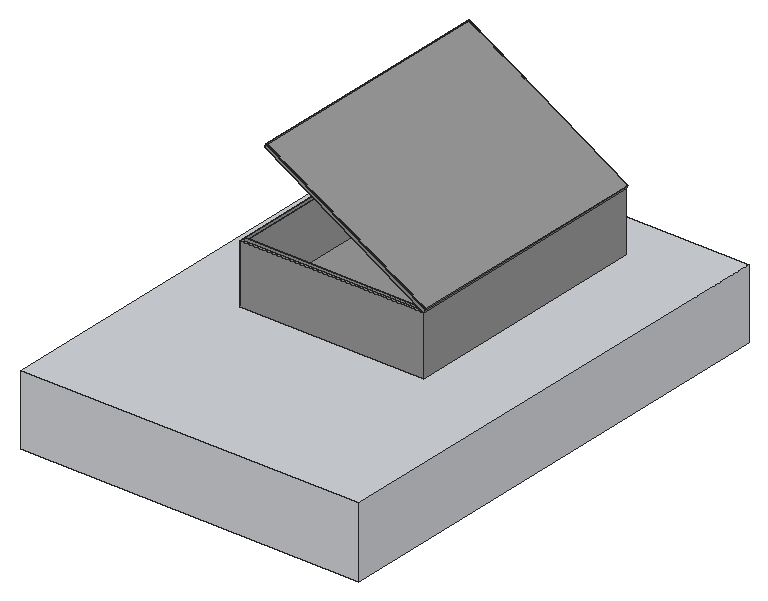
Revit family "Hager-Univers-IP55-D275-H1100-Cl.II-Steel_encl-AT-de", category Equipement électrique, Revit 2020
Family settings
  Hôte = Face
  Configuration du panneau = Deux colonnes, circuits au sein
  Cote de connecteur circulaire = Utiliser le diamètre
  Type d'élément = Tableau de raccordement
  Couper avec des vides une fois chargée = Non
  Partagée = Non
  Point de calcul de pièce = Non
Parameters (values of type "Aufputz IP55 B800 H1100 T275  - FR73S")
  Width Control [instance] = if([EF000008 - Breite] > Min Width, [EF000008 - Breite], Min Width)  # 800 mm
  Commentaires du type = [HG000003 - Bereich]  # "Univers"
  Thickness Door [instance] = if([EF009171 - Materialstärke Tür/Deckel] > 3 mm, 3 mm, [EF009171 - Materialstärke Tür/Deckel])  # 1.5 mm
  Seal Frame Offset [instance] = 17 mm  # constant formula
  Plinth Visibility [instance] = [HG000027 - Sockelhöhe] > 0 mm  # no
  Model = ""
  Min Width [instance] = 100 mm  # constant formula
  Min Height [instance] = 100 mm  # constant formula
  Min Depth [instance] = (2 * [EF009170 - Materialstärke Gehäuse]) + 1 mm  # 4 mm
  Internal Frame Depth [instance] = (Door System Depth * 0.5)  # 9 mm
  Height Control [instance] = if([EF000040 - Höhe] > Min Height, [EF000040 - Höhe], Min Height)  # 1100 mm
  HG000027 - Sockelhöhe = 0 mm
  HG000026 - Stehend auf dem Boden = no
  HG000024 - Höhe des unteren Teils = 800 mm
  HG000023 - Gehäuse mit doppeltem Querschnitt = no
  HG000016 - 3D-Türsichtbarkeit [instance] = yes
  HG000015 - Sichtbarkeit der Türöffnung [instance] = no
  HG000014 - Tür rechts [instance] = yes
  HG000013 - Tür links [instance] = not([HG000014 - Tür rechts])  # no
  HG000012 - Türschwenkwinkel [instance] = 30.00°
  HG000010 - Asymmetrische Türen = no
  HG000009 - Doppelflügeligen Tür = no
  HG000006 - Unterputz = no
  HG000004 - Herstellerreferenz = "FR73S"
  HG000003 - Bereich = "Univers"
  HG000002 - Mit tür = yes
  Frame Offset Bottom [instance] = 10 mm  # constant formula
  Frame Offset [instance] = 15 mm  # constant formula
  EF015940 - Deckel mit Überdruckentlastung = no
  EF011959 - Schutzart (NEMA) = ""
  EF009554 - Anzahl der Öffnungen für Flanschplatten = 6
  Fabricant = "Hager"  # constant formula
  EF009212 - Ausführung Deckel = "EV000116 - geschlossen"
  EF009171 - Materialstärke Tür/Deckel = 1.5 mm
  EF009170 - Materialstärke Gehäuse = 1.5 mm
  EF008873 - Nennstrom (In) = 800 A
  EF007800 - Geeignet für Blitzschutz = no
  EF006306 - Mit Schloss = no
  EF006244 - Transparenter Deckel/Tür = no
  EF005474 - Schutzart (IP) = "EV006420 - IP55"
  EF004464 - Art der Tür = "EV002646 - Einzel"
  EF004427 - Anzahl der Module = 252
  EF004293 - Schlagfestigkeit = "EV008784 - IK10"
  EF003532 - Geeignet für Außengebrauch = no
  EF002950 - Breite in Teilungseinheiten = 24
  EF001613 - Funktionserhalt = "EV000494 - ohne"
  EF001596 - Werkstoff des Gehäuses = "EV000179 - Stahl"
  EF001131 - Innentiefe = 275 mm
  EF001088 - Anbaumöglichkeit = yes
  EF000437 - Anzahl der Leitungseinführungen = 6
  EF000339 - Art der Abdeckung = "EV004216 - Tür"
  EF000266 - Anzahl der Reihen = 7
  EF000218 - Einbautiefe = 0 mm
  EF000118 - Mit Montageplatte = no
  EF000116 - RAL-Nummer = "7035"
  EF000049 - Tiefe = 275 mm
  EF000040 - Höhe = 1100 mm
  EF000008 - Breite = 800 mm
  EF000007 - Farbe = "EV000270 - grau"
  EF000003 - Montageart = "EV000384 - Aufputz"
  Door System Leaf Tolerance [instance] = 1.5 mm  # constant formula
  Door System Depth [instance] = 18 mm  # constant formula
  Door Height [instance] = Height Control - [HG000027 - Sockelhöhe]  # 1100 mm
  Depth Control [instance] = if([EF000049 - Tiefe] > Min Depth, [EF000049 - Tiefe], Min Depth)  # 275 mm
  Default Elevation = 0 mm
  Connector Offset [instance] = Height Control / 2  # 550 mm
  Bottom Top Plate Trim [instance] = 1.5 mm  # constant formula
  Plinth height Ctrl [instance] = if([HG000027 - Sockelhöhe] > 0 mm, [HG000027 - Sockelhöhe], 12 mm)  # 12 mm
Types (5, lengths in mm): name | Width Control | HG000010 - Asymmetrische Türen | HG000009 - Doppelflügeligen Tür | HG000004 - Herstellerreferenz | EF009554 - Anzahl der Öffnungen für Flanschplatten | EF004464 - Art der Tür | EF004427 - Anzahl der Module | EF000437 - Anzahl der Leitungseinführungen | EF000008 - Breite
  Aufputz IP55 B1050 H1100 T275  - FR74S | 1050 | no | yes | "FR74S" | 8 | "EV003602 - Doppel" | 336 | 8 | 1050
  Aufputz IP55 B1300 H1100 T275  - FR75S | 1300 | yes | yes | "FR75S" | 10 | "EV003602 - Doppel" | 420 | 10 | 1300
  Aufputz IP55 B300 H1100 T275  - FR71S | 300 | no | no | "FR71S" | 2 | "EV002646 - Einzel" | 84 | 2 | 300
  Aufputz IP55 B550 H1100 T275  - FR72S | 550 | no | no | "FR72S" | 4 | "EV002646 - Einzel" | 168 | 4 | 550
  Aufputz IP55 B800 H1100 T275  - FR73S | 800 | no | no | "FR73S" | 6 | "EV002646 - Einzel" | 252 | 6 | 800
Reference planes
  plane 1 "Center (Front/Back)": y = 0
  plane 2: z = 0
  plane 3 "Center (Left/Right)": x = 0
  plane 4: z = 275
  plane 5: y = 1.5
  plane 6: y = 550
  plane 7: y = 0
  plane 8: y = 1100
  plane 9: z = 0
  plane 10: x = -385
  plane 11: x = 385
  plane 12: x = 383.5
  plane 13: x = -383.5
  plane 14: y = 1098.5
  plane 15: x = -383
  plane 16: x = -400
  plane 17: x = 383
  plane 18: x = 400
  plane 19: x = 398.5
  plane 20: x = -398.5
  plane 21: y = 11.5
  plane 22: y = 1100
  plane 23: y = 1083.5
  plane 24: z = 257
  plane 25: z = 1.5
  plane 26: z = 255.5
  plane 27: z = 273.5
Forms (mm)
  Extrusion 1, solid
    sketch origin (0, 0, 0) x (1, 0, 0) y (0, 1, 0)
      loop
        line (-702.964, 1305) -> (-702.964, -811.445) -> (766.763, -811.445) -> (766.763, 1305) -> (-702.964, 1305)
    from 0 to -304.8
  Extrusion 2, solid, material "Hager_Steel_RAL7035_Light_Grey", visible <- "Plinth Visibility", detail levels medium+fine
    sketch origin (0, 0, 0) x (1, 0, 0) y (0, 1, 0)
      loop
        line (-400, 0) -> (400, 0) -> (400, 12) -> (-400, 12) -> (-400, 0)
    from 0 to 257
  Extrusion 3, solid, material "Hager_Steel_RAL7035_Light_Grey", detail levels medium+fine
    sketch origin (0, 0, 0) x (1, 0, 0) y (0, 1, 0)
      loop
        line (-400, 0) -> (400, 0) -> (400, 1100) -> (-400, 1100) -> (-400, 0)
    from 0 to 257
  Extrusion 4, void
    sketch origin (0, 0, 0) x (1, 0, 0) y (0, 1, 0)
      loop
        line (-398.5, 1.5) -> (398.5, 1.5) -> (398.5, 1098.5) -> (-398.5, 1098.5) -> (-398.5, 1.5)
    from 1.5 to 255.5
  Extrusion 5, void
    sketch origin (-381.607, -4572, 257) x (0, -1, 0) y (-1, 0, 0)
      loop
        line (-4583.5, 1.893) -> (-5655.5, 1.893) -> (-5655.5, -765.107) -> (-4583.5, -765.107) -> (-4583.5, 1.893)
    from 0 to 1.5 <- "EF009170 - Materialstärke Gehäuse"
  Extrusion 6, solid, material "Hager_Steel_RAL7035_Light_Grey", detail levels fine
    sketch origin (0, 0, 257) x (1, 0, 0) y (0, 1, 0)
      loop
        line (-383.5, 1083.5) -> (-383.5, 11.5) -> (383.5, 11.5) -> (383.5, 1083.5) -> (-383.5, 1083.5)
      loop
        line (-385, 10) -> (385, 10) -> (385, 1085) -> (-385, 1085) -> (-385, 10)
    from 0 to 9 <- "Internal Frame Depth"
  Extrusion 7, solid, material "Hager_Steel_RAL7035_Light_Grey", detail levels coarse
    sketch origin (0, 0, 0) x (1, 0, 0) y (0, 1, 0)
      loop
        line (-400, 0) -> (400, 0) -> (400, 1100) -> (-400, 1100) -> (-400, 0)
    from 0 to 275
  Sweep 8, void
    path in 3D
      loop
        line (-400, 12, 0) -> (400, 12, 0) -> (400, 12, 257) -> (-400, 12, 257) -> (-400, 12, 0)
    profile origin (-400, 12, 128.5) x (-1, 0, 0) y (0, -1, 0)
      loop
        line (0, 0) -> (0, 1.5) -> (-1.5, 1.5)
        arc (-1.5, 1.5) -> (-1.061, 0.439) -> (0, 0) r 1.5
Cuts and joins
  Extrusion 4, Extrusion 5 cuts Extrusion 3
  Sweep 8 cuts Extrusion 2
Lines and regions (mm)
  Masking region 1
    outline origin (0, 0, 0) x (1, 0, 0) y (0, 0, 1)
      loop
        line (-400, 275) -> (-400, 0) -> (400, 0) -> (400, 275) -> (-400, 275)
  Masking region 2, detail levels medium+fine
    outline origin (0, 140, 0) x (0, 1, 0) y (0, 0, 1)
      loop
        line (-140, 0) -> (960, 0) -> (960, 257) -> (-140, 257) -> (-140, 0)
  Masking region 3, not visible, detail levels medium+fine
    outline origin (0, 297.922, 0) x (0, 1, 0) y (0, 0, 1)
      loop
        line (263.578, 0) -> (303.578, 0) -> (303.578, 263.5)
        arc (303.578, 263.5) -> (300.649, 270.571) -> (293.578, 273.5) r 10
        line (293.578, 273.5) -> (263.578, 273.5) -> (263.578, 0)
  Masking region 4, detail levels coarse
    outline origin (0, 0, 180) x (0, 1, 0) y (0, 0, 1)
      loop
        line (0, -180) -> (1100, -180) -> (1100, 95) -> (0, 95) -> (0, -180)
  Masking region 5, visible <- "Plinth Visibility", detail levels medium+fine
    outline origin (0, 52.24, 12.345) x (0, 0, -1) y (0, 1, 0)
      loop
        line (10.845, -40.24) -> (-243.155, -40.24)
        arc (-243.155, -40.24) -> (-243.594, -41.301) -> (-244.655, -41.74) r 1.5
        line (-244.655, -41.74) -> (-244.655, -52.24) -> (12.345, -52.24) -> (12.345, -41.74)
        arc (12.345, -41.74) -> (11.285, -41.301) -> (10.845, -40.24) r 1.5
  Masking region 6, detail levels medium+fine
    outline origin (-381.607, -4572, 257) x (-1, 0, 0) y (0, -1, 0)
      loop
        line (18.393, -5672) -> (18.393, -4572) -> (-781.607, -4572) -> (-781.607, -5672) -> (18.393, -5672)
  Masking region 7, visible <- "Plinth Visibility", detail levels medium+fine
    outline origin (-381.607, -4727, 257) x (-1, 0, 0) y (0, -1, 0)
      loop
        arc (16.893, -4739) -> (17.332, -4737.939) -> (18.393, -4737.5) r 1.5
        line (18.393, -4737.5) -> (18.393, -4727) -> (-781.607, -4727) -> (-781.607, -4737.5)
        arc (-781.607, -4737.5) -> (-780.546, -4737.939) -> (-780.107, -4739) r 1.5
        line (-780.107, -4739) -> (16.893, -4739)
  Masking region 8, detail levels coarse
    outline origin (-442.548, -4669.526, 257) x (-1, 0, 0) y (0, -1, 0)
      loop
        line (-42.548, -5769.526) -> (-42.548, -4669.526) -> (-842.548, -4669.526) -> (-842.548, -5769.526) -> (-42.548, -5769.526)
  sketch lines
    curve 1: line (-400, 12, 257) -> (-400, 12, 0)
    curve 2: line (400, 12, 257) -> (-400, 12, 257)
    curve 3: line (400, 12, 257) -> (400, 12, 0)
    curve 4: line (-400, 12, 0) -> (400, 12, 0)
Dimensions and locks
  "Depth Control": plane 4 to Extrusion 1
  "HG000027 - Sockelhöhe": plane 1 "Center (Front/Back)" to plane 7
  "EF009170 - Materialstärke Gehäuse": plane 5 to plane 7
  locked: connector elem to plane 3 "Center (Left/Right)"
  equal spacing: plane 8, plane 6, plane 7
  locked: connector elem to plane 6
  "EF009170 - Materialstärke Gehäuse": plane 8 to plane 14
  "EF009170 - Materialstärke Gehäuse": plane 10 to plane 13
  "EF009170 - Materialstärke Gehäuse": plane 12 to plane 11
  "Frame Offset": plane 20 to plane 13
  "Frame Offset": plane 12 to plane 19
  "EF009170 - Materialstärke Gehäuse": plane 16 to plane 20
  "EF009170 - Materialstärke Gehäuse": plane 19 to plane 18
  "Seal Frame Offset": plane 16 to plane 15
  "Seal Frame Offset": plane 17 to plane 18
  "Frame Offset Bottom": plane 21 to plane 5
  "Frame Offset": plane 14 to plane 23
  equal spacing: plane 16, plane 3 "Center (Left/Right)", plane 18
  "Width Control": plane 16 to plane 18
  "EF009170 - Materialstärke Gehäuse": plane 4 to plane 27
  "EF009170 - Materialstärke Gehäuse": plane 24 to plane 26
  "EF009170 - Materialstärke Gehäuse": plane 25 to level
  "Door System Depth": plane 4 to plane 24
  "Height Control": plane 1 "Center (Front/Back)" to Extrusion 7 sketch curve
  "Height Control": Masking region 4 sketch curve to plane 1 "Center (Front/Back)"
  "Height Control": plane 1 "Center (Front/Back)" to plane 22
  "Bottom Top Plate Trim": profile plane to Sweep 8 sketch curve
  "Bottom Top Plate Trim": Sweep 8 sketch curve to profile plane
  "Plinth height Ctrl": plane 1 "Center (Front/Back)" to Extrusion 2 sketch curve
  "Plinth height Ctrl": Masking region 5 sketch curve to plane 1 "Center (Front/Back)"
  "Plinth height Ctrl": plane 1 "Center (Front/Back)" to Masking region 7 sketch curve
  "Thickness Door": Extrusion 6 sketch curve to Extrusion 6 sketch curve  (x3)
  "Thickness Door": cut or joined group of Extrusion 3, Extrusion 4, Extrusion 5 to Extrusion 6 sketch curve
  radius of Masking region 3 sketch curve = 10 mm
  "Bottom Top Plate Trim": radius of Masking region 5 sketch curve  (x2)
  "Bottom Top Plate Trim": radius of Sweep 8 sketch curve
  "Bottom Top Plate Trim": radius of Masking region 7 sketch curve  (x2)
  aligned and locked: plane 2 to Extrusion 1
  aligned and locked: level to Extrusion 1
  aligned and locked: level to Masking region 1 sketch curve
  aligned and locked: Masking region 1 sketch curve to plane 18
  aligned and locked: Masking region 1 sketch curve to plane 16
  aligned and locked: plane 7 to Masking region 2 sketch curve
  aligned and locked: level to Masking region 3 sketch curve
  aligned and locked: Masking region 3 sketch curve to plane 27
  aligned and locked: level to Masking region 2 sketch curve
  aligned and locked: plane 1 "Center (Front/Back)" to Extrusion 2 sketch curve
  aligned and locked: Extrusion 3 sketch curve to plane 7
  aligned and locked: plane 16 to Extrusion 3 sketch curve
  aligned and locked: plane 18 to Extrusion 3 sketch curve
  aligned and locked: plane 20 to Extrusion 4 sketch curve
  aligned and locked: plane 19 to Extrusion 4 sketch curve
  aligned and locked: Extrusion 4 sketch curve to plane 5
  aligned and locked: Extrusion 4 to plane 25
  aligned and locked: plane 26 to Extrusion 4
  aligned and locked: plane 24 to Extrusion 3
  aligned and locked: Extrusion 5 sketch curve to plane 21
  aligned and locked: Extrusion 5 sketch curve to plane 13
  aligned and locked: Extrusion 5 sketch curve to plane 12
  aligned and locked: plane 18 to Extrusion 7 sketch curve
  aligned and locked: plane 1 "Center (Front/Back)" to Extrusion 7 sketch curve
  aligned and locked: plane 16 to Extrusion 7 sketch curve
  aligned and locked: plane 4 to Extrusion 7
  aligned and locked: Extrusion 7 to level
  aligned and locked: level to Masking region 4 sketch curve
  aligned and locked: Masking region 4 sketch curve to plane 1 "Center (Front/Back)"
  aligned and locked: Masking region 4 sketch curve to plane 4
  aligned and locked: nested 1 to level
  aligned and locked: nested 1 to plane 16
  aligned and locked: plane 8 to Extrusion 3 sketch curve
  aligned and locked: plane 23 to Extrusion 5 sketch curve
  aligned and locked: plane 14 to Extrusion 4 sketch curve
  aligned and locked: Masking region 2 sketch curve to plane 8
  aligned and locked: level to Masking region 5 sketch curve
  aligned and locked: plane 16 to Extrusion 2 sketch curve
  aligned and locked: plane 18 to Extrusion 2 sketch curve
  aligned and locked: Masking region 5 sketch curve to plane 24
  aligned and locked: Masking region 2 sketch curve to plane 24
  aligned and locked: plane 24 to Extrusion 2
  aligned and locked: profile plane to Sweep 8 sketch curve  (x2)
  aligned and locked: Masking region 6 sketch curve to plane 18
  aligned and locked: Masking region 6 sketch curve to plane 22
  aligned and locked: Masking region 6 sketch curve to plane 16
  aligned and locked: plane 8 to plane 22
  aligned and locked: Masking region 6 sketch curve to plane 7
  aligned and locked: Masking region 7 sketch curve to plane 16
  aligned and locked: Masking region 7 sketch curve to plane 1 "Center (Front/Back)"
  aligned and locked: Masking region 7 sketch curve to plane 18
  aligned and locked: Masking region 8 sketch curve to plane 1 "Center (Front/Back)"
  aligned and locked: Masking region 8 sketch curve to plane 18
  aligned and locked: Masking region 8 sketch curve to plane 22
  aligned and locked: Masking region 8 sketch curve to plane 16
  aligned and locked: nested 2 to plane 7
  aligned and locked: plane 3 "Center (Left/Right)" to nested 2
  aligned and locked: nested 2 to plane 24
  aligned and locked: Extrusion 6 sketch curve to cut or joined group of Extrusion 3, Extrusion 4, Extrusion 5  (x4)
Automatic sketch dimensions
  Extrusion 1 sketch curve to Extrusion 1 sketch curve = 1469.727 mm
  Extrusion 1 sketch curve to Extrusion 1 sketch curve = 2116.445 mm
  Masking region 1 sketch curve to plane 4 = 0 mm
  plane 6 to Masking region 3 sketch curve = 11.5 mm
  Masking region 3 sketch curve to Masking region 3 sketch curve = 30 mm
  Masking region 5 sketch curve to plane 1 "Center (Front/Back)" = 0 mm
Nested families
  nested 1: "Hager_Enclosure_Symbol" at (-400, 0, 0) x (1, 0, 0) z (0, -1, 0), Height <- "Depth Control", Width <- "Width Control", type "Hager_Enclosure_Symbol"
    with Width_Ctrl 800 mm, Width 800 mm, Height_Ctrl 275 mm, Height 275 mm, A_Width_Int 18.047 mm, A_Width 216.562 mm, A_Height_Ctrl 240.625 mm, A_Height 240.625 mm
  nested 2: "EC000058_Univers_Door" at (0, 0, 257) x (1, 0, 0) z (0, 1, 0), Leaf_Tolerance <- "Door System Leaf Tolerance", Angle <- "HG000012 - Türschwenkwinkel", Door_Depth <- "Door System Depth", Door_Left <- "HG000013 - Tür links", Transparent <- "EF006244 - Transparenter Deckel/Tür", Assymetrical <- "HG000010 - Asymmetrische Türen", Width <- "Width Control", Clearance <- "HG000015 - Sichtbarkeit der Türöffnung", Double <- "HG000009 - Doppelflügeligen Tür", 3d_Door <- "HG000016 - 3D-Türsichtbarkeit", Lock_Visibility <- "EF006306 - Mit Schloss", Width_Ctrl <- "Width Control", Door_Right <- "HG000014 - Tür rechts", Door <- "HG000002 - Mit tür", Height <- "Door Height", Thickness <- "Thickness Door", type "EC000058_Univers_Door", detail levels medium+fine
    with min_wh 4 mm, Width_Ctrl 800 mm, Width 800 mm, Transparent no, Thickness 1.5 mm, Seal_Material Hager_Rubber, Lock_Visibility no, Lock_Material Hager_Plastic_RAL9005_Jet_Black, Leaf_Width 800 mm, Leaf_Tolerance_External_Sides 0 mm, Leaf_Tolerance 1.5 mm, Leaf_Offset 0 mm, Leaf_Height 1097 mm, Leaf_2_Width 800 mm, Leaf_2_Offset 400 mm, Leaf_1_Width 800 mm, Leaf_1_Offset 400 mm, Height_Ctrl 1100 mm, Height 1100 mm, Glass_Material Hager_Glass, Double_Clearance_Ctrl no, Double no, Door_Right_Ctrl yes, Door_Right yes, Door_Material Hager_Steel_RAL7035_Light_Grey, Door_Left_Ctrl no, Door_Left no, Door_Depth 18 mm, Door yes, Clearance_Material Hager_Clearance, Clearance_Depth 800 mm, Clearance_Ctrl no, Clearance no, Assymetrical no, Angle 30.00°, 3d_Door yes
Connectors
  electrical at (0, 550, 0)
    settings: on plane 9, index 1, voltage 0 V, apparent load 0 VA, apparent load phase1 0 VA, apparent load phase2 0 VA, apparent load phase3 0 VA, power factor 1, load classification "Other", number of poles 1, system type 30, power factor state 1, is connector primary yes, connector utility no, sub classification motor no, connector description ""
Definition of nested family "EC000058_Univers_Door"
  Parameters (values of type "EC000058_Univers_Door")
    min_wh [instance] = (2 * Thickness) + 1 mm  # 11 mm
    Width_Ctrl [instance] = 400 mm
    Width [instance] = 500 mm
    Transparent [instance] = yes
    Thickness [instance] = 5 mm
    Seal_Material [instance] = none
    Lock_Visibility [instance] = yes
    Lock_Material [instance] = none
    Leaf_Width [instance] = if((Width_Ctrl - 2 * Leaf_Tolerance_External_Sides) > 0 mm, (Width_Ctrl - 2 * Leaf_Tolerance_External_Sides), min_wh)  # 400 mm
    Leaf_Tolerance_External_Sides [instance] = 0 mm  # constant formula
    Leaf_Tolerance [instance] = 1.5 mm
    Leaf_Offset [instance] = 0 mm  # constant formula
    Leaf_Height [instance] = if((Height_Ctrl - 2 * Leaf_Tolerance) > 0 mm, (Height_Ctrl - 2 * Leaf_Tolerance), min_wh)  # 497 mm
    Leaf_2_Width [instance] = if(and(and(Double, Assymetrical), Door_Left), (Leaf_Width / 3) - (Leaf_Tolerance / 2), if(and(and(Double, Assymetrical), Door_Right), (Leaf_Width / 3) * 2 - (Leaf_Tolerance / 2), if(and(Double, not(Assymetrical)), (Leaf_Width / 2) - Leaf_Tolerance, Leaf_Width)))  # 400 mm
    Leaf_2_Offset [instance] = if(and(Double, Assymetrical), Leaf_2_Width / 2, if(and(Double, not(Assymetrical)), Leaf_Width / 4, Leaf_Width / 2))  # 200 mm
    Leaf_1_Width [instance] = if(and(and(Double, Assymetrical), Door_Right), (Leaf_Width / 3) - (Leaf_Tolerance / 2), if(and(and(Double, Assymetrical), Door_Left), (Width / 3) * 2 - (Leaf_Tolerance / 2), if(and(Double, not(Assymetrical)), (Leaf_Width / 2) - Leaf_Tolerance, Leaf_Width)))  # 400 mm
    Leaf_1_Offset [instance] = if(and(Double, Assymetrical), Leaf_1_Width / 2, if(and(Double, not(Assymetrical)), Leaf_Width / 4, Leaf_Width / 2))  # 200 mm
    Height_Ctrl [instance] = if(Height > min_wh, Height, min_wh)  # 500 mm
    Height [instance] = 500 mm
    Glass_Material [instance] = none
    Double_Clearance_Ctrl [instance] = and(Double, Clearance)  # no
    Double [instance] = no
    Door_Right_Ctrl [instance] = and(or(Door_Right, Double), Door)  # yes
    Door_Right [instance] = yes
    Door_Material [instance] = none
    Door_Left_Ctrl [instance] = and(or(Door_Left, Double), Door)  # no
    Door_Left [instance] = no
    Door_Depth [instance] = 30 mm
    Door [instance] = yes
    Default Elevation = 1219.2 mm
    Clearance_Material [instance] = none
    Clearance_Depth [instance] = if(Leaf_1_Width > Leaf_2_Width, Leaf_1_Width, Leaf_2_Width)  # 400 mm
    Clearance_Ctrl [instance] = and(not(Double), Clearance)  # yes
    Clearance [instance] = yes
    Assymetrical [instance] = yes
    Angle [instance] = 30.00°
    3d_Door [instance] = yes
  Reference planes
    plane 1 "Center (Front/Back)": y = 0
    plane 2 "Bottom": z = 0
    plane 3 "Center (Left/Right)": x = 0
    plane 4: z = 500
    plane 5: x = -200
    plane 6: x = 200
    plane 7: z = 500
    plane 8: x = -200
    plane 9: z = 0
    plane 10: x = 200
    plane 11: y = 0
    plane 12: z = 1.5
    plane 13: x = -600
    plane 14: y = -400
    plane 15: x = 600
    plane 16: x = 0
    plane 17: x = 0
    plane 18: x = -200
    plane 19: x = 200
    plane 20: z = 498.5
  Forms (mm)
    Extrusion 1, solid, material <- "Clearance_Material", visible <- "Double_Clearance_Ctrl"
      sketch origin (1200, 0, 0) x (1, 0, 0) y (0, 0, -1)
        loop
          line (-1800, -498.5) -> (-600, -498.5) -> (-600, 0) -> (-1800, 0) -> (-1800, -498.5)
      from 0 to -400
  Dimensions and locks
    equal spacing: plane 5, plane 3 "Center (Left/Right)", plane 6
    "Width_Ctrl": plane 5 to plane 6
    "Leaf_Offset": plane 5 to plane 8
    "Leaf_Offset": plane 6 to plane 10
    "Leaf_Offset": plane 9 to level
    "Leaf_Offset": plane 4 to plane 7
    "Height_Ctrl": plane 4 to level
    "Leaf_Tolerance": plane 12 to plane 9
    locked: plane 11 to plane 1 "Center (Front/Back)"
    "Leaf_1_Offset": plane 18 to plane 16
    "Leaf_2_Offset": plane 17 to plane 19
    "Leaf_1_Width": plane 13 to plane 8
    "Leaf_2_Width": plane 10 to plane 15
    "Clearance_Depth": plane 14 to plane 1 "Center (Front/Back)"
    "Leaf_Tolerance_External_Sides": plane 8 to plane 18
    "Leaf_Tolerance_External_Sides": plane 19 to plane 10
    "Leaf_Tolerance": plane 7 to plane 20
    aligned and locked: level to plane 2 "Bottom"
    aligned and locked: nested 1 to plane 16
    aligned and locked: nested 2 to plane 17
    aligned and locked: Extrusion 1 to plane 13
    aligned and locked: plane 15 to Extrusion 1
    aligned and locked: Extrusion 1 to plane 14
    aligned and locked: plane 12 to nested 1
    aligned and locked: nested 2 to plane 12
    aligned and locked: Extrusion 1 to plane 11
    aligned and locked: plane 20 to Extrusion 1
    aligned and locked: nested 2 to plane 11
    aligned and locked: nested 1 to plane 11
  Automatic sketch dimensions
    Extrusion 1 sketch curve to level = 0 mm
    plane 5 to Extrusion 1 sketch curve = 400 mm
    plane 6 to Extrusion 1 sketch curve = 400 mm
    Extrusion 1 sketch curve to plane 4 = 1.5 mm
  Nested families
    nested 1: "EC000058_Univers_Door_Leaf" at (0, 0, 1.5), Width <- "Leaf_1_Width", visible <- "Door_Left_Ctrl", Leaf_Height <- "Leaf_Height", Angle <- "Angle", 3d_Door <- "3d_Door", Transparent <- "Transparent", Clearance Material <- "Clearance_Material", Clearance <- "Clearance_Ctrl", Door_Material <- "Door_Material", Glass_Material <- "Glass_Material", Door_Depth <- "Door_Depth", Lock_Material <- "Lock_Material", Seal_Material <- "Seal_Material", Lock_Visibility <- "Lock_Visibility", Thickness <- "Thickness", type "EC000058_Univers_Door_Leaf"
      with Width 400 mm, Transparent_Glass_Offset 30 mm, Transparent_Ctrl yes, Transparent yes, Thickness 5 mm, Standard no, Seal_Material none, Seal_D2 8 mm, Seal_D1 1 mm, Offset_Internal_Frame 10 mm, Lock_Width 20 mm, Lock_Visibility_3d yes, Lock_Visibility yes, Lock_Thickness_3 3 mm, Lock_Thickness_2 1 mm, Lock_Thickness_1 3 mm, Lock_Radius_Offset_2 16 mm, Lock_Radius_Offset_1 15 mm, Lock_Radius_2 5 mm, Lock_Radius 6 mm, Lock_Offset 5 mm, Lock_Material none, Lock_Height 80 mm, Lock_Cover_Top_Offset_2d 17 mm, Lock_Cover_Height -65 mm, Leaf_Height 497 mm, Internal_Seal_Thickness 8 mm, Internal_Seal_Depth_2 4.5 mm, Internal_Frame_Depth 25 mm, Glass_Thickness -1 mm, Glass_Offset -2 mm, Glass_Material none, Door_Material none, Door_Depth 30 mm, Clearance Material none, Clearance yes, Angle_Ctrl 30.00°, Angle 30.00°, 3d_Door yes
    nested 2: "EC000058_Univers_Door_Leaf" at (0, 0, 1.5) x (-1, 0, 0) z (0, 0, 1), Width <- "Leaf_2_Width", visible <- "Door_Right_Ctrl", Leaf_Height <- "Leaf_Height", Angle <- "Angle", 3d_Door <- "3d_Door", Transparent <- "Transparent", Clearance Material <- "Clearance_Material", Clearance <- "Clearance_Ctrl", Door_Material <- "Door_Material", Glass_Material <- "Glass_Material", Door_Depth <- "Door_Depth", Lock_Material <- "Lock_Material", Seal_Material <- "Seal_Material", Lock_Visibility <- "Lock_Visibility", Thickness <- "Thickness", type "EC000058_Univers_Door_Leaf"
      with Width 400 mm, Transparent_Glass_Offset 30 mm, Transparent_Ctrl yes, Transparent yes, Thickness 5 mm, Standard no, Seal_Material none, Seal_D2 8 mm, Seal_D1 1 mm, Offset_Internal_Frame 10 mm, Lock_Width 20 mm, Lock_Visibility_3d yes, Lock_Visibility yes, Lock_Thickness_3 3 mm, Lock_Thickness_2 1 mm, Lock_Thickness_1 3 mm, Lock_Radius_Offset_2 16 mm, Lock_Radius_Offset_1 15 mm, Lock_Radius_2 5 mm, Lock_Radius 6 mm, Lock_Offset 5 mm, Lock_Material none, Lock_Height 80 mm, Lock_Cover_Top_Offset_2d 17 mm, Lock_Cover_Height -65 mm, Leaf_Height 497 mm, Internal_Seal_Thickness 8 mm, Internal_Seal_Depth_2 4.5 mm, Internal_Frame_Depth 25 mm, Glass_Thickness -1 mm, Glass_Offset -2 mm, Glass_Material none, Door_Material none, Door_Depth 30 mm, Clearance Material none, Clearance yes, Angle_Ctrl 30.00°, Angle 30.00°, 3d_Door yes
  Definition of nested family "EC000058_Univers_Door_Leaf"
    Parameters (values of type "EC000058_Univers_Door_Leaf")
      Width [instance] = 2000 mm
      Transparent_Glass_Offset [instance] = 30 mm
      Transparent_Ctrl [instance] = and(Transparent, [3d_Door])  # yes
      Transparent [instance] = yes
      Thickness [instance] = 5 mm
      Standard [instance] = and(not(Transparent), [3d_Door])  # no
      Seal_Material [instance] = none
      Seal_D2 [instance] = 8 mm  # constant formula
      Seal_D1 [instance] = 1 mm  # constant formula
      Offset_Internal_Frame [instance] = 10 mm  # constant formula
      Lock_Width [instance] = 20 mm  # constant formula
      Lock_Visibility_3d [instance] = and(Lock_Visibility, [3d_Door])  # yes
      Lock_Visibility [instance] = yes
      Lock_Thickness_3 [instance] = 3 mm  # constant formula
      Lock_Thickness_2 [instance] = 1 mm  # constant formula
      Lock_Thickness_1 [instance] = 3 mm  # constant formula
      Lock_Radius_Offset_2 [instance] = Lock_Radius_Offset_1 + 1 mm  # 16 mm
      Lock_Radius_Offset_1 [instance] = 15 mm  # constant formula
      Lock_Radius_2 [instance] = Lock_Radius - 1 mm  # 5 mm
      Lock_Radius [instance] = 6 mm  # constant formula
      Lock_Offset [instance] = 5 mm  # constant formula
      Lock_Material [instance] = none
      Lock_Height [instance] = 80 mm  # constant formula
      Lock_Cover_Top_Offset_2d [instance] = Lock_Radius_Offset_2 + 1 mm  # 17 mm
      Lock_Cover_Height [instance] = -(Lock_Height - Lock_Radius_Offset_1)  # -65 mm
      Leaf_Height [instance] = 2720.336 mm
      Internal_Seal_Thickness [instance] = 8 mm  # constant formula
      Internal_Seal_Depth_2 [instance] = 4.5 mm  # constant formula
      Internal_Frame_Depth [instance] = if(Door_Depth - Thickness > 5 mm, Door_Depth - Thickness, 5 mm)  # 25 mm
      Glass_Thickness [instance] = if(Thickness > 15 mm, Glass_Offset + 10 mm, -1 mm)  # -1 mm
      Glass_Offset [instance] = if(Thickness > 15 mm, -(Thickness + 10 mm) / 2, -2 mm)  # -2 mm
      Glass_Material [instance] = none
      Door_Material [instance] = none
      Door_Depth [instance] = 30 mm
      Default Elevation = 0 mm
      Clearance Material [instance] = none
      Clearance [instance] = yes
      Angle_Ctrl [instance] = if(Angle > 180.00°, 180.00°, Angle)  # 90.00°
      Angle [instance] = 90.00°
      3d_Door [instance] = yes
    Reference planes
      plane 1 "Center (Front/Back)": y = 0
      plane 2: z = 0
      plane 3 "Center (Left/Right)": x = 0
      plane 4: y = 2000
      plane 5: x = -1000
      plane 6: x = 1000
      plane 7: x = -3000
      plane 8: z = 2720.336
      plane 9: z = 30
      plane 10: z = 2690.336
      plane 11: x = 970
      plane 12: x = -970
      plane 13: y = -3
      plane 14: z = 107.833
      plane 15: y = -5
      plane 16: y = -223.314
      plane 17: x = -1000
      plane 18: z = 1360.168
      plane 19: y = 30
    Forms (mm)
      Extrusion 1, solid, material <- "Clearance Material", visible <- "Clearance"
        sketch origin (0, 0, 0) x (1, 0, 0) y (0, 0, 1)
          loop
            line (-3000, 2720.336) -> (-3000, 0) -> (1000, 0) -> (1000, 2720.336) -> (-3000, 2720.336)
        from 0 to -2000
      Extrusion 2, solid, material <- "Door_Material", visible <- "Standard", detail levels medium+fine
        sketch origin (-1000, 0, 0) x (0, 1, 0) y (-1, 0, 0)
          loop
            line (0, 30) -> (0, 25) -> (2000, 25) -> (2000, 30) -> (0, 30)
        from 0 to 2720.336 <- "Leaf_Height"
      Extrusion 3, solid, material <- "Door_Material", visible <- "Transparent_Ctrl", detail levels medium+fine
        sketch origin (-1000, 0, 0) x (0, 1, 0) y (-1, 0, 0)
          loop
            line (0, 25) -> (2000, 25) -> (2000, 30) -> (0, 30) -> (0, 25)
        from 0 to 2720.336 <- "Leaf_Height"
      Extrusion 4, void
        sketch origin (-1025, 2000, 0) x (0, 1, 0) y (0, 0, -1)
          loop
            line (-30, -2690.336) -> (-30, -30) -> (-1970, -30) -> (-1970, -2690.336) -> (-30, -2690.336)
        from 0 to 5 <- "Thickness"
      Sweep 5, solid, material <- "Seal_Material", visible <- "Transparent_Ctrl", detail levels fine
        path in 3D
          loop
            line (-1025, 30, 30) -> (-1025, 30, 2690.336) -> (-1025, 1970, 2690.336) -> (-1025, 1970, 30) -> (-1025, 30, 30)
        profile origin (-1025, 1000, 30) x (1, 0, 0) y (0, 0, 1)
          loop
            line (0, 0) -> (0, -8) -> (1, -8) -> (1, 0) -> (0, 0)
      Extrusion 6, solid, material <- "Glass_Material", visible <- "Transparent_Ctrl", detail levels medium+fine
        sketch origin (-1030, 0, 0) x (0, 1, 0) y (0, 0, -1)
          loop
            line (1970, -2690.336) -> (1970, -30) -> (30, -30) -> (30, -2690.336) -> (1970, -2690.336)
        from -2 <- "Glass_Offset" to -1 <- "Glass_Thickness"
      Extrusion 7, solid, material <- "Door_Material", visible <- "3d_Door", detail levels medium+fine
        sketch origin (-1025, 2000, 0) x (0, -1, 0) y (0, 0, -1)
          loop
            line (0, -2720.336) -> (2000, -2720.336) -> (2000, 0) -> (0, 0) -> (0, -2720.336)
          loop
            line (1995, -5) -> (5, -5) -> (5, -2715.336) -> (1995, -2715.336) -> (1995, -5)
        from 0 to 25 <- "Internal_Frame_Depth"
      Sweep 8, solid, material <- "Seal_Material", visible <- "Transparent_Ctrl", detail levels fine
        path in 3D
          loop
            line (-1025, 0, 0) -> (-1025, 2000, 0) -> (-1025, 2000, 2720.336) -> (-1025, 0, 2720.336) -> (-1025, 0, 0)
        profile origin (-1025, 0, 1360.168) x (1, 0, 0) y (0, 1, 0)
          loop
            line (0, 10) -> (2.975, 10)
            arc (2.975, 10) -> (4.053, 10.447) -> (4.5, 11.525) r 1.525
            line (4.5, 11.525) -> (4.5, 16.527)
            arc (4.5, 16.527) -> (4.069, 17.569) -> (3.027, 18) r 1.473
            line (3.027, 18) -> (0, 18) -> (0, 10)
      Extrusion 9, solid, material <- "Lock_Material", visible <- "Lock_Visibility_3d", detail levels fine
        sketch origin (-1030, 0, 0) x (0, 1, 0) y (0, 0, -1)
          loop
            arc (1993.5, -1400.168) -> (1994.561, -1399.729) -> (1995, -1398.668) r 1.5
            line (1995, -1398.668) -> (1995, -1320.168) -> (1975, -1320.168) -> (1975, -1398.668)
            arc (1975, -1398.668) -> (1975.439, -1399.729) -> (1976.5, -1400.168) r 1.5
            line (1976.5, -1400.168) -> (1993.5, -1400.168)
        from 3 <- "Lock_Thickness_1" to 0
      Blend 10, solid, material <- "Lock_Material", visible <- "Lock_Visibility_3d", detail levels fine
        base sketch origin (-1033, 0, 0) x (0, 1, 0) y (0, 0, -1)
          loop
            line (1975, -1320.168) -> (1975, -1398.668)
            arc (1975, -1398.668) -> (1975.439, -1399.729) -> (1976.5, -1400.168) r 1.5
            line (1976.5, -1400.168) -> (1993.5, -1400.168)
            arc (1993.5, -1400.168) -> (1994.561, -1399.729) -> (1995, -1398.668) r 1.5
            line (1995, -1398.668) -> (1995, -1320.168) -> (1975, -1320.168)
        top sketch origin (-1033, 0, 0) x (0, 1, 0) y (0, 0, -1)
          loop
            line (1976, -1320.168) -> (1976, -1398.668)
            arc (1976, -1398.668) -> (1976.146, -1399.022) -> (1976.5, -1399.168) r 0.5
            line (1976.5, -1399.168) -> (1993.5, -1399.168)
            arc (1993.5, -1399.168) -> (1993.854, -1399.022) -> (1994, -1398.668) r 0.5
            line (1994, -1398.668) -> (1994, -1320.168) -> (1976, -1320.168)
        from 0 to 1 <- "Lock_Thickness_2"
      Blend 11, solid, material <- "Lock_Material", visible <- "Lock_Visibility_3d", detail levels fine
        base sketch origin (-1034, 0, 0) x (0, 1, 0) y (0, 0, -1)
          loop
            line (1978, -1320.168) -> (1978, -1384.168)
            arc (1978, -1384.168) -> (1985, -1391.168) -> (1992, -1384.168) r 7
            line (1992, -1384.168) -> (1992, -1320.168) -> (1978, -1320.168)
        top sketch origin (-1034, 0, 0) x (0, 1, 0) y (0, 0, -1)
          loop
            line (1991, -1320.168) -> (1979, -1320.168) -> (1979, -1383.168)
            arc (1979, -1383.168) -> (1985, -1389.168) -> (1991, -1383.168) r 6
            line (1991, -1383.168) -> (1991, -1320.168)
        from 0 to 3 <- "Lock_Thickness_3"
      Extrusion 12, solid, material <- "Lock_Material", visible <- "Lock_Visibility_3d", detail levels fine
        sketch origin (-1030, 1975, 1320.168) x (1, 0, 0) y (0, -1, 0)
          loop
            line (-7, -19) -> (-7, -1) -> (0, -1) -> (0, 0) -> (-8, 0) -> (-8, -20) -> (0, -20) -> (0, -19) -> (-7, -19)
        from 0 to -65 <- "Lock_Cover_Height"
      Extrusion 13, void
        sketch origin (-1038, 1995, 1320.168) x (-1, 0, 0) y (0, 0, -1)
          loop
            line (-5, -65) -> (0, -65) -> (-5, -60) -> (-5, -65)
        from 0 to 20 <- "Lock_Width"
      Extrusion 14, void
        sketch origin (-1038, 1975, 1320.168) x (0, -1, 0) y (0, 0, -1)
          loop
            circle (-10, -15.995) r 6
          loop
            circle (-10, -15.995) r 5
        from 0 to 2
      Extrusion 15, solid, material <- "Lock_Material", visible <- "Lock_Visibility_3d", detail levels medium
        sketch origin (-1030, 0, 0) x (0, 1, 0) y (0, 0, -1)
          loop
            arc (1993.5, -1400.168) -> (1994.561, -1399.729) -> (1995, -1398.668) r 1.5
            line (1995, -1398.668) -> (1995, -1320.168) -> (1975, -1320.168) -> (1975, -1398.668)
            arc (1975, -1398.668) -> (1975.439, -1399.729) -> (1976.5, -1400.168) r 1.5
            line (1976.5, -1400.168) -> (1993.5, -1400.168)
        from 8 to 0
    Cuts and joins
      Extrusion 4 cuts Extrusion 3
      Extrusion 13, Extrusion 14 cuts Extrusion 9
      Extrusion 14 cuts Blend 11
      Extrusion 13, Extrusion 14 cuts Extrusion 12
      joined: Extrusion 9, Blend 10, Blend 11, Extrusion 12
      Extrusion 14 cuts Extrusion 15
    Lines and regions (mm)
      Masking region 1, visible <- "Lock_Visibility", detail levels fine
        outline origin (0, 0, 0) x (0, 1, 0) y (0, 0, 1)
          loop
            line (30, 1320.168) -> (33, 1320.168) -> (33, 1400.168) -> (30, 1400.168) -> (30, 1320.168)
      Masking region 2, visible <- "Lock_Visibility", detail levels fine
        outline origin (0, 3.143, 0) x (0, 1, 0) y (0, 0, 1)
          loop
            line (29.857, 1354.168) -> (30.857, 1354.168) -> (30.857, 1366.168) -> (29.857, 1366.168) -> (29.857, 1354.168)
      Masking region 3, detail levels medium+fine
        outline origin (0, 0, 0) x (0, 1, 0) y (0, 0, 1)
          loop
            line (0, 0) -> (30, 0) -> (30, 2720.336) -> (0, 2720.336) -> (0, 0)
      Masking region 4, detail levels medium+fine
        outline origin (0, 0, 0) x (1, 0, 0) y (0, 0, 1)
          loop
            line (-1000, 2720.336) -> (-1000, 0) -> (1000, 0) -> (1000, 2720.336) -> (-1000, 2720.336)
      Masking region 5, visible <- "Lock_Visibility", detail levels fine
        outline origin (-47.116, 0, 0) x (1, 0, 0) y (0, 0, 1)
          loop
            arc (1024.616, 1399.168) -> (1023.556, 1398.729) -> (1023.116, 1397.668) r 1.5
            line (1023.116, 1397.668) -> (1023.116, 1320.168) -> (1041.116, 1320.168) -> (1041.116, 1397.668)
            arc (1041.116, 1397.668) -> (1040.677, 1398.729) -> (1039.616, 1399.168) r 1.5
            line (1039.616, 1399.168) -> (1024.616, 1399.168)
      Masking region 6, visible <- "Lock_Visibility", detail levels medium+fine
        outline origin (-25, 0, 0) x (1, 0, 0) y (0, 0, 1)
          loop
            arc (1001.5, 1400.168) -> (1000.439, 1399.729) -> (1000, 1398.668) r 1.5
            line (1000, 1398.668) -> (1000, 1320.168) -> (1020, 1320.168) -> (1020, 1398.668)
            arc (1020, 1398.668) -> (1019.561, 1399.729) -> (1018.5, 1400.168) r 1.5
            line (1018.5, 1400.168) -> (1001.5, 1400.168)
      Masking region 7, visible <- "Lock_Visibility", detail levels fine
        outline origin (-73.735, 0, 0) x (1, 0, 0) y (0, 0, 1)
          loop
            line (1051.735, 1382.168) -> (1065.735, 1382.168) -> (1065.735, 1384.168)
            arc (1065.735, 1384.168) -> (1058.735, 1391.168) -> (1051.735, 1384.168) r 7
            line (1051.735, 1384.168) -> (1051.735, 1382.168)
      Masking region 8, visible <- "Lock_Visibility", detail levels fine
        outline origin (-73.735, 0, 0) x (1, 0, 0) y (0, 0, 1)
          loop
            line (1052.735, 1382.168) -> (1064.735, 1382.168) -> (1064.735, 1383.168)
            arc (1064.735, 1383.168) -> (1058.735, 1389.168) -> (1052.735, 1383.168) r 6
            line (1052.735, 1383.168) -> (1052.735, 1382.168)
      Masking region 9, visible <- "Lock_Visibility", detail levels fine
        outline origin (-25, 0, 0) x (1, 0, 0) y (0, 0, 1)
          loop
            line (1020, 1320.168) -> (1020, 1382.168) -> (1000, 1382.168) -> (1000, 1320.168) -> (1020, 1320.168)
      Masking region 10, detail levels medium+fine
        outline origin (0, 0, 0) x (1, 0, 0) y (0, 0, 1)
          loop
            circle (985, 1335.144) r 6
      Masking region 11, detail levels fine
        outline origin (0, 0, 0) x (1, 0, 0) y (0, 0, 1)
          loop
            circle (985, 1335.144) r 5
      Masking region 12, visible <- "Lock_Visibility", detail levels fine
        outline origin (0, 12.767, 0) x (0, 1, 0) y (0, 0, 1)
          loop
            line (20.233, 1320.168) -> (21.233, 1320.168) -> (21.233, 1399.168) -> (20.233, 1400.168) -> (20.233, 1320.168)
      Masking region 13, visible <- "Lock_Visibility", detail levels fine
        outline origin (0, 13.767, -10) x (0, 1, 0) y (0, 0, 1)
          loop
            line (20.233, 1330.168) -> (23.233, 1330.168) -> (23.233, 1399.168) -> (20.233, 1402.168) -> (20.233, 1330.168)
      Masking region 14, visible <- "Lock_Visibility", detail levels fine
        outline origin (0, 12.767, -10) x (0, 1, 0) y (0, 0, 1)
          loop
            line (20.233, 1330.168) -> (25.233, 1330.168) -> (25.233, 1399.305) -> (20.233, 1394.305) -> (20.233, 1330.168)
      Masking region 15, visible <- "Lock_Visibility", detail levels medium
        outline origin (0, 0, 0) x (0, 1, 0) y (0, 0, 1)
          loop
            line (30, 1320.168) -> (38, 1320.168) -> (38, 1400.168) -> (30, 1400.168) -> (30, 1320.168)
      Masking region 16, visible <- "Lock_Visibility", detail levels fine
        outline origin (-1000, 0, 0) x (0, 1, 0) y (-1, 0, 0)
          loop
            line (1975, 30) -> (1995, 30) -> (1995, 38) -> (1975, 38) -> (1975, 30)
          loop
            line (1979, 37) -> (1976, 37) -> (1976, 34) -> (1978, 34) -> (1979, 37)
          loop
            line (1994, 37) -> (1991, 37) -> (1992, 34) -> (1994, 34) -> (1994, 37)
      Masking region 17, visible <- "Lock_Visibility", detail levels medium
        outline origin (-1000, 0, 0) x (0, 1, 0) y (-1, 0, 0)
          loop
            line (1975, 30) -> (1995, 30) -> (1995, 38) -> (1975, 38) -> (1975, 30)
      symbolic lines
        curve 1: line (1000, 0, 0) -> (-3000, 0, 0)
        curve 2: arc (1000, 0, 0) -> (-1000, 2000, 0) -> (-3000, 0, 0) r 2000
        curve 4: line (-1030, 0, 0) -> (-1030, 2000, 0)
      reference lines
        curve 3: line (-1000, 0, 0) -> (-1000, 2000, 0)
      symbolic lines, detail levels medium+fine
        curve 5: line (-1030, 2000, 0) -> (-1025, 2000, 0)
        curve 7: line (-1025, 0, 0) -> (-1030, 0, 0)
        curve 8: line (-1025, 0, 0) -> (-1000, 0, 0)
        curve 9: line (-1000, 0, 0) -> (-1000, 2000, 0)
        curve 10: line (-1000, 2000, 0) -> (-1025, 2000, 0)
      symbolic lines, detail levels fine
        curve 6: line (-1025, 2000, 0) -> (-1025, 0, 0)
      sketch lines
        curve 11: line (-1025, 0, 2720.336) -> (-1025, 0, 0)
        curve 12: line (-1025, 2000, 0) -> (-1025, 0, 0)
        curve 13: line (-1025, 2000, 2720.336) -> (-1025, 2000, 0)
        curve 14: line (-1025, 0, 2720.336) -> (-1025, 2000, 2720.336)
        curve 15: line (-1025, 1970, 30) -> (-1025, 30, 30)
        curve 16: line (-1025, 30, 30) -> (-1025, 30, 2690.336)
        curve 17: line (-1025, 1970, 2690.336) -> (-1025, 1970, 30)
        curve 18: line (-1025, 30, 2690.336) -> (-1025, 1970, 2690.336)
      symbolic lines, visible <- "Transparent", detail levels medium+fine
        curve 19: line (-970, 0, 2690.336) -> (970, 0, 2690.336)
        curve 20: line (-970, 0, 30) -> (-970, 0, 2690.336)
        curve 21: line (970, 0, 30) -> (-970, 0, 30)
        curve 22: line (970, 0, 2690.336) -> (970, 0, 30)
    Dimensions and locks
      "Width": plane 1 "Center (Front/Back)" to plane 4
      equal spacing: plane 5, plane 3 "Center (Left/Right)", plane 6
      "Width": plane 5 to plane 6
      "Width": plane 7 to plane 5
      "Leaf_Height": plane 8 to level
      "Width": curve 5 to curve 3
      "Width": curve 3 to curve 3
      plane 8 to plane 10 = 30 mm
      plane 9 to level = 30 mm
      plane 12 to plane 5 = 30 mm
      plane 6 to plane 11 = 30 mm
      Extrusion 1 to Extrusion 4 sketch curve = 30 mm
      "Transparent_Glass_Offset": curve 3 to Extrusion 4 sketch curve
      "Transparent_Glass_Offset": Extrusion 4 sketch curve to cut or joined group of Extrusion 3, Extrusion 4  (x2)
      cut or joined group of Extrusion 3, Extrusion 4 to Extrusion 6 sketch curve = 30 mm
      "Transparent_Glass_Offset": cut or joined group of Extrusion 3, Extrusion 4 to Extrusion 4 sketch curve
      "Thickness": curve 6 to curve 4
      "Thickness": Extrusion 7 sketch curve to Extrusion 7 sketch curve  (x4)
      "Door_Depth": curve 4 to curve 3
      "Offset_Internal_Frame": profile plane to Sweep 8 sketch curve
      "Internal_Seal_Thickness": Sweep 8 sketch curve to Sweep 8 sketch curve
      "Internal_Seal_Depth_2": profile plane to Sweep 8 sketch curve
      "Seal_D1": profile plane to Sweep 5 sketch curve
      "Seal_D2": profile plane to Sweep 5 sketch curve
      "Thickness": Extrusion 2 sketch curve to Extrusion 2 sketch curve
      equal spacing: Extrusion 9 sketch curve, plane 18, Extrusion 9 sketch curve  (x2)
      equal spacing: Masking region 1 sketch curve, plane 18, Masking region 1 sketch curve
      "Lock_Height": Masking region 1 sketch curve to Masking region 1 sketch curve
      "Lock_Radius": Masking region 2 sketch curve to plane 18 to Masking region 2 sketch curve
      Masking region 2 sketch curve to Masking region 1 = 1 mm
      "Door_Depth": plane 19 to plane 1 "Center (Front/Back)"
      "Lock_Thickness_1": Masking region 1 sketch curve to plane 19
      "Lock_Width": Extrusion 9 sketch curve to Extrusion 9 sketch curve
      "Lock_Height": Extrusion 9 sketch curve to Extrusion 9 sketch curve
      "Lock_Offset": cut or joined group of Extrusion 3, Extrusion 4 to Extrusion 9 sketch curve
      equal spacing: plane 8, plane 18, level
      "Lock_Radius_Offset_1": Blend 11 sketch curve to Blend 10
      locked: Blend 10 to Blend 11 sketch curve at 2  (x2)
      locked: var sketch to Blend 11 sketch curve at 1  (x2)
      "Lock_Radius_Offset_2": Blend 11 sketch curve to Blend 10
      locked: Extrusion 12 sketch curve to Extrusion 12 sketch curve at 1  (x3)
      Masking region 6 sketch curve to Masking region 6 sketch curve = 80 mm
      "Lock_Height": Masking region 6 sketch curve to Masking region 6 sketch curve
      "Lock_Width": Masking region 6 sketch curve to Masking region 6 sketch curve
      locked: Masking region 6 to Masking region 5 sketch curve at 1  (x3)
      locked: Masking region 5 to Masking region 7 sketch curve at 2  (x2)
      "Lock_Radius_Offset_1": Masking region 5 to Masking region 7 sketch curve
      "Lock_Radius_Offset_2": Masking region 5 to Masking region 8 sketch curve
      locked: Masking region 7 to Masking region 8 sketch curve at 1  (x2)
      "Lock_Cover_Top_Offset_2d": Masking region 5 to Masking region 9 sketch curve
      equal spacing: Masking region 9, Masking region 10 sketch curve, Masking region 9
      equal spacing: Masking region 9, Masking region 11 sketch curve, Masking region 9
      Extrusion 15 sketch curve to Extrusion 15 sketch curve = 80 mm
      "Lock_Width": Extrusion 15 sketch curve to Extrusion 15 sketch curve
      "Lock_Height": Extrusion 15 sketch curve to Extrusion 15 sketch curve
      equal spacing: Extrusion 15 sketch curve, plane 18, Extrusion 15 sketch curve
      "Lock_Thickness_3": Masking region 13 sketch curve to Masking region 13 sketch curve
      "Lock_Height": Masking region 12 sketch curve to Masking region 12 sketch curve
      locked: Masking region 13 sketch curve to Masking region 1 at 8
      locked: Masking region 14 sketch curve to Masking region 13 at 1
      locked: Masking region 14 sketch curve to Masking region 1 at 10.863
      "Lock_Height": Masking region 15 sketch curve to Masking region 15 sketch curve
      "Lock_Offset": Extrusion 15 sketch curve to cut or joined group of Extrusion 3, Extrusion 4
      "Lock_Offset": plane 6 to Masking region 6 sketch curve
      radius of Sweep 8 sketch curve = 1.525 mm
      radius of Sweep 8 sketch curve = 1.473 mm
      radius of Extrusion 9 sketch curve = 1.5 mm  (x2)
      "Lock_Radius": radius of Extrusion 14 sketch curve
      "Lock_Radius_2": radius of Extrusion 14 sketch curve
      "Lock_Radius": radius of Masking region 10 sketch curve
      "Lock_Radius_2": radius of Masking region 11 sketch curve
      radius of Extrusion 15 sketch curve = 1.5 mm  (x2)
      "Angle_Ctrl": angle plane 1 "Center (Front/Back)" to curve 3
      locked: Masking region 12 sketch curve to Masking region 12 sketch curve (angle 45.00°)
      locked: Masking region 13 sketch curve to Masking region 13 sketch curve (angle 45.00°)
      locked: Masking region 14 sketch curve to Masking region 14 sketch curve (angle 45.00°)
      aligned and locked: level to plane 2
      aligned and locked: Extrusion 1 to curve 1
      aligned and locked: plane 6 to Extrusion 1
      aligned and locked: Extrusion 1 to plane 1 "Center (Front/Back)"
      aligned and locked: plane 4 to Extrusion 1
      aligned and locked: plane 8 to Extrusion 1
      aligned and locked: curve 7 to Extrusion 2 sketch curve
      aligned and locked: curve 5 to Extrusion 2 sketch curve
      aligned and locked: curve 7 to Extrusion 3 sketch curve
      aligned and locked: Extrusion 3 sketch curve to curve 4
      aligned and locked: Extrusion 3 sketch curve to curve 6
      aligned and locked: Extrusion 3 sketch curve to curve 5
      aligned and locked: curve 9 to curve 3
      aligned and locked: Extrusion 7 sketch curve to cut or joined group of Extrusion 3, Extrusion 4  (x4)
      aligned and locked: plane 17 to curve 3
      aligned and locked: plane 1 "Center (Front/Back)" to curve 3
      aligned and locked: plane 17 to plane 5
      aligned and locked: Sweep 8 sketch curve to profile plane
      aligned and locked: Sweep 5 sketch curve to profile plane  (x2)
      aligned and locked: Masking region 1 to Masking region 2 sketch curve
      aligned and locked: plane 19 to Masking region 1 sketch curve
      aligned and locked: plane 1 "Center (Front/Back)" to Masking region 3 sketch curve
      aligned and locked: plane 19 to Masking region 3 sketch curve
      aligned and locked: level to Masking region 3 sketch curve
      aligned and locked: Masking region 3 sketch curve to plane 8
      aligned and locked: plane 17 to Masking region 4 sketch curve
      aligned and locked: level to Masking region 4 sketch curve
      aligned and locked: Masking region 4 sketch curve to plane 8
      aligned and locked: plane 12 to curve 20
      aligned and locked: plane 10 to curve 19
      aligned and locked: plane 11 to curve 22
      aligned and locked: curve 21 to plane 9
      aligned and locked: Extrusion 2 sketch curve to cut or joined group of Extrusion 3, Extrusion 4
      aligned and locked: Blend 10 sketch curve to Extrusion 9  (x4)
      aligned and locked: Extrusion 9 to Blend 10 sketch curve
      aligned and locked: Blend 10 to Blend 11 sketch curve
      aligned and locked: Extrusion 12 sketch curve to Blend 11
      aligned and locked: Extrusion 12 sketch curve to Extrusion 9  (x4)
      aligned and locked: Masking region 5 sketch curve to Masking region 6
      aligned and locked: Masking region 9 sketch curve to Masking region 6  (x3)
      aligned and locked: Masking region 12 sketch curve to Masking region 1
      aligned and locked: Masking region 13 sketch curve to Masking region 1
      aligned and locked: Masking region 12 to Masking region 14
      aligned and locked: Masking region 14 sketch curve to Masking region 1
      aligned and locked: Masking region 15 sketch curve to Masking region 14
      aligned and locked: Masking region 13 sketch curve to Masking region 12
      aligned and locked: Masking region 16 sketch curve to cut or joined group of Extrusion 14, Extrusion 15  (x4)
      aligned and locked: Masking region 16 sketch curve to cut or joined group of Extrusion 9, Blend 10, Blend 11, Extrusion 12, Extrusion 13, Extrusion 14  (x6)
      aligned and locked: cut or joined group of Extrusion 9, Blend 10, Blend 11, Extrusion 12, Extrusion 13, Extrusion 14 to Masking region 16 sketch curve
      aligned and locked: Masking region 17 sketch curve to cut or joined group of Extrusion 14, Extrusion 15  (x3)
      aligned and locked: Masking region 17 sketch curve to cut or joined group of Extrusion 9, Blend 10, Blend 11, Extrusion 12, Extrusion 13, Extrusion 14
      aligned and locked: Masking region 9 to Masking region 8 sketch curve
      aligned and locked: Masking region 9 to Masking region 7 sketch curve
    Automatic sketch dimensions
      plane 1 "Center (Front/Back)" to curve 2 = 0 mm
      curve 2 to plane 5 = 0 mm
      Extrusion 1 sketch curve to level = 0 mm
      Extrusion 1 sketch curve to plane 7 = 0 mm
      Extrusion 1 sketch curve to plane 6 = 0 mm
      Extrusion 1 sketch curve to plane 8 = 0 mm
      Extrusion 3 to Extrusion 6 sketch curve = 30 mm  (x4)
      Masking region 4 sketch curve to plane 6 = 0 mm
      Blend 10 sketch curve to Extrusion 9 = 1.5 mm
      Blend 10 sketch curve to Extrusion 9 = 1 mm
      Extrusion 13 sketch curve to Extrusion 12 = 0 mm  (x2)
      Extrusion 12 to Extrusion 13 sketch curve = 3 mm
      Extrusion 13 sketch curve to Extrusion 12 = 5 mm
      Extrusion 14 sketch curve to Extrusion 14 sketch curve = 0 mm  (x2)
      Extrusion 14 sketch curve to Extrusion 12 = 10 mm
      Extrusion 14 sketch curve to Extrusion 12 = 15.995 mm
      Masking region 5 sketch curve to Masking region 5 sketch curve = 1.5 mm  (x2)
      Masking region 10 sketch curve to plane 18 = 25.024 mm
      Masking region 11 sketch curve to plane 18 = 25.024 mm
      plane 19 to Masking region 14 sketch curve = 3 mm
      Masking region 16 sketch curve to Masking region 16 sketch curve = 3 mm
      curve 4 to curve 3 = 0 mm
      Blend 10 to Blend 11 sketch curve = 0 mm
      Masking region 6 sketch curve to Masking region 6 sketch curve = 1.5 mm  (x2)
      Masking region 6 sketch curve to plane 18 = 40 mm
      plane 19 to Masking region 12 sketch curve = 3 mm
      Masking region 12 sketch curve to Masking region 12 sketch curve = 1 mm
      Masking region 15 sketch curve to plane 19 = 0 mm
      Masking region 15 sketch curve to plane 18 = 40 mm
      radius of Blend 10 sketch curve to Extrusion 9 = 1 mm
Definition of nested family "Hager_Enclosure_Symbol"
  Parameters (values of type "Hager_Enclosure_Symbol")
    Width_Ctrl [instance] = if(Width > 1 mm, Width, 1 mm)  # 102.27 mm
    Width [instance] = 102.27 mm
    Height_Ctrl [instance] = if(Height > 1 mm, Height, 1 mm)  # 66.5 mm
    A_Width_Int [instance] = if(A_Width / 12 > 2 mm, A_Width / 12, 2 mm)  # 4.364 mm
    A_Width [instance] = if(A_Height_Ctrl * 0.9 > 2 mm, A_Height_Ctrl * 0.9, 2 mm)  # 52.369 mm
    A_Height_Ctrl [instance] = if(A_Height > 2 mm, A_Height, 2 mm)  # 58.188 mm
    Height [instance] = 66.5 mm
    A_Height [instance] = Height - (Height / 8)  # 58.188 mm
  Reference planes
    plane 1 "Centre (avant/arrière)": y = 0
    plane 2: z = 0
    plane 3 "Centre (gauche/droite)": x = 0
    plane 4: x = 52.369
    plane 5: y = 33.042
    plane 6: y = 41.77
    plane 7: y = 66.5
    plane 8: x = 26.184
    plane 9: y = 37.406
    plane 10: x = 102.27
    plane 11: y = 66.5
    plane 12: y = 8.313
  Lines and regions (mm)
    Filled region 1, type "Solid_Black", in view "Niveau de réf."
      outline origin (0, 0, 0) x (1, 0, 0) y (0, 1, 0)
        loop
          line (52.369, 66.5) -> (33.188, 54.536) -> (45.365, 45.006) -> (52.369, 66.5)
    Filled region 2, type "Solid_Black", in view "Niveau de réf."
      outline origin (0, 0, 0) x (1, 0, 0) y (0, 1, 0)
        loop
          line (0, 0) -> (102.27, 0) -> (102.27, 66.5) -> (0, 0)
    detail lines, in view "Niveau de réf."
      curve 1: line (0, 8.313, 0) -> (26.184, 41.77, 0)
      curve 2: line (26.184, 41.77, 0) -> (26.184, 33.042, 0)
      curve 3: line (26.184, 33.042, 0) -> (52.369, 66.5, 0)
  Dimensions and locks
    "A_Width": plane 3 "Centre (gauche/droite)" to plane 4
    equal spacing: plane 3 "Centre (gauche/droite)", plane 8, plane 4
    equal spacing: plane 6, plane 9, plane 5
    equal spacing: curve 3, Filled region 1 sketch curve, Filled region 1 sketch curve
    "Height_Ctrl": plane 1 "Centre (avant/arrière)" to plane 11
    "A_Height_Ctrl": plane 11 to plane 12
    equal spacing: plane 11, plane 9, plane 12
    "A_Width_Int": plane 6 to plane 9
    "Width_Ctrl": plane 3 "Centre (gauche/droite)" to plane 10
    angle Filled region 1 sketch curve to curve 3 = 20.00°
    angle curve 3 to Filled region 1 sketch curve = 20.00°
    locked: curve 3 to Filled region 1 sketch curve (angle 90.00°)
    aligned and locked: plane 10 to Filled region 2
    aligned and locked: plane 11 to Filled region 2 sketch curve
    aligned and locked: plane 10 to Filled region 2 sketch curve
    aligned and locked: plane 3 "Centre (gauche/droite)" to curve 1
    aligned and locked: plane 12 to curve 1
    aligned and locked: plane 7 to plane 11
  Automatic sketch dimensions
    Filled region 1 sketch curve to plane 4 = 0 mm
    Filled region 1 sketch curve to plane 7 = 0 mm
    plane 1 "Centre (avant/arrière)" to Filled region 2 sketch curve = 0 mm
    Filled region 2 sketch curve to plane 3 "Centre (gauche/droite)" = 0 mm
    curve 2 to plane 6 = 0 mm
    curve 2 to plane 8 = 0 mm
    curve 3 to plane 4 = 0 mm
    curve 2 to plane 5 = 0 mm
    curve 3 to plane 7 = 0 mm
